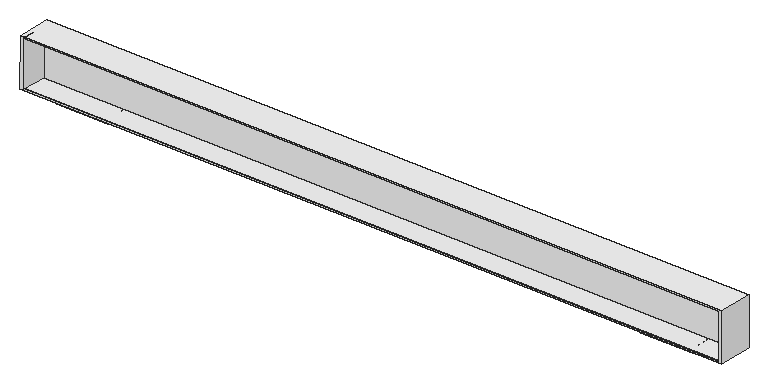
Revit family "MOD 6-W-D", category Lighting Fixtures, host Face, Revit 2021
Family settings
  Host = Face
  Round Connector Dimension = Use Diameter
  Part Type = Normal
  OmniClass Number = 23.80.70.11.14.17
  OmniClass Title = Direct/Indirect
  Cut with Voids When Loaded = No
  Light Source = Yes
  Shared = Yes
  Room Calculation Point = No
Parameters (values of type "MOD6-W-D-08")
  zz YesNo 2 = yes
  zz YesNo 1 = no
  Wattage = 81.6 W
  Warranty = "5-Years Warranty"  # constant formula
  built-in parameter 1150110 = 1 (stored number, unit not read)
  Voltage = 120 V
  Type Comments = "Lighting Fixture"  # constant formula
  built-in parameter 1114217 = 1 (stored number, unit not read)
  Tilt Angle = 90.00°  # constant formula
  built-in parameter 1150109 = 1 (stored number, unit not read)
  built-in parameter 1150134 = (empty or 0)
  built-in parameter 1150113 = 1 (stored number, unit not read)
  Product Page URL = ""
  Product Documentation Link = ""
  Power Factor = 1
  Photometric Web File = "generic"
  Photometric Notes = "More IES files download on Photometric Link"  # constant formula
  zz Length 1 = 8' - 0"
  Wattage Comments = "Variable Intensity technology provides specifiable lumen output/wattage"  # constant formula
  URL = "https://www.currentlighting.com/litecontrol"
  built-in parameter 1150142 = (empty or 0)
  Mounting = "Wall-Mount"  # constant formula
  Model = "MOD 6 LED Wall Direct"  # constant formula
  Manufacturer = "Litecontrol"  # constant formula
  built-in parameter 1150105 = 636.37 (stored number, unit not read)
  Lumens = 7996.8 lm
  built-in parameter 1150115 = 1 (stored number, unit not read)
  Load Classification = Lighting
  built-in parameter 1150137 = (empty or 0)
  built-in parameter 1150139 = (empty or 0)
  built-in parameter 1150112 = 1 (stored number, unit not read)
  built-in parameter 1150114 = 1 (stored number, unit not read)
  Lamp = "LED"  # constant formula
  built-in parameter 1150132 = (empty or 0)
  built-in parameter 1150102 = (empty or 0)
  built-in parameter 1150107 = 3500 (stored number, unit not read)
  built-in parameter 1150138 = (empty or 0)
  built-in parameter 1150106 = 6.3637 (stored number, unit not read)
  Glass = Glass - White
  Fixture Distribution = "Direct"  # constant formula
  Emit from Rectangle Width = zz Length 1  # 8' - 0"
  Emit from Rectangle Length = 0' - 6 115/256"  # constant formula
  Emit Shape Visible in Rendering = no
  built-in parameter 1150104 = 9.1045 (stored number, unit not read)
  Downlight Diffuser = "Soft Diffuse Lens/Regressed Diffuse Lens/Blade Baffle with Overlay"  # constant formula
  Dimming Lamp Color Temperature Shift = <None>
  Description = "The MODx family is an affordably-priced, full-featured offering with best-in-class attention to detail"  # constant formula
  Default Elevation = 4' - 0"
  Copyright = "Copyright © Litecontrol"  # constant formula
  Contact Us = ""
  Color Filter = 16777215
  built-in parameter 1114218 = 1 (stored number, unit not read)
  Housing Material = Paint -  Matte White
  built-in parameter 1150133 = 10 (stored number, unit not read)
  Assembly Code = "D5020200"
  Apparent Load = 0 VA
Types (7): name | zz YesNo 2 | zz YesNo 1 | Wattage | zz Length 1 | built-in parameter 1150105 | Lumens | built-in parameter 1150106 | Emit from Rectangle Width
  (no name) | yes | no | 81.6 W | 8' - 0" | 636.37 (stored number, unit not read) | 7996.8 lm | 6.3637 (stored number, unit not read) | 8' - 0"
  MOD6-W-D-02 | no | yes | 20.4 W | 2' - 0" | 159.09 (stored number, unit not read) | 1999.2 lm | 1.5909 (stored number, unit not read) | 2' - 0"
  MOD6-W-D-03 | yes | no | 30.6 W | 3' - 0" | 238.64 (stored number, unit not read) | 2998.8 lm | 2.3864 (stored number, unit not read) | 3' - 0"
  MOD6-W-D-04 | yes | no | 40.8 W | 4' - 0" | 318.18 (stored number, unit not read) | 3998.4 lm | 3.1818 (stored number, unit not read) | 4' - 0"
  MOD6-W-D-05 | yes | no | 51 W | 5' - 0" | 397.73 (stored number, unit not read) | 4998 lm | 3.9773 (stored number, unit not read) | 5' - 0"
  MOD6-W-D-06 | yes | no | 61.2 W | 6' - 0" | 477.27 (stored number, unit not read) | 5997.6 lm | 4.7727 (stored number, unit not read) | 6' - 0"
  MOD6-W-D-08 | yes | no | 81.6 W | 8' - 0" | 636.37 (stored number, unit not read) | 7996.8 lm | 6.3637 (stored number, unit not read) | 8' - 0"
Reference planes (in)
  plane 1 "Center (Front/Back)": y = 13.01342
  plane 2: z = 0
  plane 3 "Center (Left/Right)": x = 0
Dimensions and locks (in)
  aligned and locked: plane 2 to host face
  aligned and locked: level to host face
  aligned and locked: plane 3 "Center (Left/Right)" to nested 1
  aligned and locked: nested 1 to plane 2
  aligned and locked: nested 1 to imposter light
Nested families (in)
  nested 1: "4L-W" at (-0.01104, 15.26342, 3.66501) x (1, 0, 0) z (0, -1, 0), Glass <- "Glass", Backbox <- "Housing Material", Length <- "zz Length 1", type "4L-W"
    with Length 8' - 0", Glass Glass - White, Backbox Paint -  Matte White
Connectors (in)
  electrical at (0, 13.01342, 0.48), driven by "Load Classification", driven by "Voltage", driven by "Apparent Load", driven by "Power Factor"
    settings: on nested 1, index 1, voltage 120 V, apparent load 0 VA, apparent load phase1 0 VA, apparent load phase2 0 VA, apparent load phase3 0 VA, power factor 1, load classification "Lighting", number of poles 1, system type 30, power factor state 1, is connector primary yes, connector utility no, sub classification motor no, connector description "Electrical Connector"
Definition of nested family "4L-W"
  Parameters
    zz YesNo 2 = yes
    zz YesNo 1 = no
    Wattage Comments = ""
    URL = ""
    Model = ""
    Manufacturer = ""
    Length [instance] = 6' - 0"
    Lamp = ""
    Glass [instance] = none
    Description = ""
    Default Elevation = 4' - 0"
    Backbox [instance] = none
  Reference planes (in)
    plane 1 "Center (Front/Back)": y = 0.03999
    plane 2: z = 0
    plane 3 "Center (Left/Right)": x = 0.01104
    plane 4: z = 4.5
    plane 5: x = -35.98896
    plane 6: x = 36.01104
    plane 7: x = -35.48896
    plane 8: x = 35.51104
    plane 9: y = 3.16499
    plane 10: y = -3.08501
    plane 11: y = -3.18501
    plane 12: y = 3.26499
    plane 13: z = 1.1875
    plane 14: y = -3.66501
    plane 15: z = 4.375
    plane 16: x = -27.98896
    plane 17: x = -31.48896
    plane 18: x = -24.48896
    plane 19: x = 28.01104
    plane 20: x = 31.51104
    plane 21: x = 24.51104
    plane 22: x = -3.48896
    plane 23: x = 3.51104
    plane 24: z = 3.9375
    plane 25: z = 0.125
  Forms (in)
    Extrusion 1, solid
      sketch origin (0, 0, 0.06357) x (1, 0, 0) y (0, 1, 0)
        loop
          line (-48, 48) -> (-48, -48) -> (48, -48) -> (48, 48) -> (-48, 48)
      from -0.06357 to -12.81105
    Extrusion 2, void
      sketch origin (-23.78896, 8.13374, 2) x (0, -1, 0) y (1, 0, 0)
        loop
          line (4.96875, -11.7) -> (11.21875, -11.7) -> (11.21875, 59.3) -> (4.96875, 59.3) -> (4.96875, -11.7)
      from 2.5 to -0.8125
    Extrusion 3, solid, material <- "Backbox"
      sketch origin (0.01104, 0, 0) x (0, 1, 0) y (0, 0, 1)
        loop
          line (3.26499, 4.5) -> (-3.18501, 4.5) -> (-3.18501, 0) -> (3.26499, 0) -> (3.26499, 4.5)
      from -36 to 36
    Extrusion 4, solid, material <- "Glass"
      sketch origin (0, 0, 4.3125) x (0, -1, 0) y (1, 0, 0)
        loop
          line (-3.16499, -35.48896) -> (3.08501, -35.48896) -> (3.08501, 35.51104) -> (-3.16499, 35.51104) -> (-3.16499, -35.48896)
      from 0.0625 to 0.1875
    Extrusion 5, solid, material <- "Backbox", visible <- "zz YesNo 2"
      sketch origin (0.01104, 0, 0) x (0, 1, 0) y (0, 0, 1)
        loop
          line (-3.18501, 3.9375) -> (-3.66501, 3.9375) -> (-3.66501, 1.1875) -> (-3.18501, 1.1875) -> (-3.18501, 3.9375)
      from 24.5 to 31.5
    Extrusion 6, solid, material <- "Backbox", visible <- "zz YesNo 2"
      sketch origin (0.01104, 0, 0) x (0, 1, 0) y (0, 0, -1)
        loop
          line (-3.18501, -3.9375) -> (-3.18501, -1.1875) -> (-3.66501, -1.1875) -> (-3.66501, -3.9375) -> (-3.18501, -3.9375)
      from 24.5 to 31.5
    Extrusion 7, solid, material <- "Backbox", visible <- "zz YesNo 1"
      sketch origin (18.01104, 0, 0) x (0, 1, 0) y (0, 0, -1)
        loop
          line (-3.18501, -3.9375) -> (-3.18501, -1.1875) -> (-3.66501, -1.1875) -> (-3.66501, -3.9375) -> (-3.18501, -3.9375)
      from 14.5 to 21.5
  Cuts and joins
    Extrusion 2 cuts Extrusion 3
  Dimensions and locks (in)
    "Length": plane 6 to plane 5
    locked: plane 7 to plane 5 at 0.5
    locked: plane 6 to plane 8 at 0.5
    equal spacing: plane 6, plane 3 "Center (Left/Right)", plane 5
    plane 13 to plane 2 = 0' - 1 3/16"
    locked: plane 4 to plane 15 at 0.125
    locked: plane 16 to plane 5 at 8
    plane 18 to plane 16 to plane 17 = 0' - 3 1/2" locked, 0' - 3 1/2" locked
    plane 20 to plane 19 to plane 21 = 0' - 3 1/2" locked, 0' - 3 1/2" locked
    plane 23 to plane 3 "Center (Left/Right)" to plane 22 = 0' - 3 1/2" locked, 0' - 3 1/2" locked
    locked: plane 19 to plane 6 at 8
    equal spacing: plane 9, plane 1 "Center (Front/Back)", plane 10
    plane 12 to plane 9 = 0' - 0.1"
    plane 10 to plane 11 = 0' - 0.1"
    plane 9 to plane 1 "Center (Front/Back)" = 0' - 3 1/8"
    plane 11 to plane 14 = 0' - 0.48"
    plane 24 to plane 13 = 0' - 2 3/4"
    locked: plane 15 to plane 24 at 0.4375
    plane 25 to plane 2 = 0' - 0 1/8"
    plane 4 to plane 2 = 0' - 4 1/2"
    plane 12 to plane 14 = 0' - 6.93"
    plane 9 to plane 10 = 0' - 6 1/4"
    aligned and locked: plane 2 to Extrusion 1
    aligned and locked: plane 9 to Extrusion 2 sketch curve
    aligned and locked: plane 10 to Extrusion 2 sketch curve
    aligned and locked: plane 4 to Extrusion 3 sketch curve
    aligned and locked: plane 12 to Extrusion 3 sketch curve
    aligned and locked: Extrusion 3 sketch curve to level
    aligned and locked: plane 11 to Extrusion 3 sketch curve
    aligned and locked: Extrusion 3 to plane 5
    aligned and locked: plane 6 to Extrusion 3
    aligned and locked: plane 8 to Extrusion 2
    aligned and locked: Extrusion 2 to plane 7
    aligned and locked: Extrusion 5 sketch curve to plane 13
    aligned and locked: Extrusion 5 to plane 13
    aligned and locked: Extrusion 5 to plane 20
    aligned and locked: Extrusion 5 to plane 21
    aligned and locked: Extrusion 6 to plane 17
    aligned and locked: Extrusion 6 to plane 18
    aligned and locked: Extrusion 7 to plane 22
    aligned and locked: Extrusion 7 to plane 23
    aligned and locked: plane 4 to Extrusion 4
    aligned and locked: plane 4 to Extrusion 2
    aligned and locked: plane 24 to Extrusion 6
    aligned and locked: plane 24 to Extrusion 7
    aligned and locked: plane 24 to Extrusion 5
    aligned and locked: Extrusion 4 to plane 15
    aligned and locked: Extrusion 6 to plane 11
    aligned and locked: plane 14 to Extrusion 6
    aligned and locked: Extrusion 2 to plane 13
    aligned and locked: plane 14 to Extrusion 5
    aligned and locked: Extrusion 5 to plane 11
  Automatic sketch dimensions
    Extrusion 1 sketch curve to Extrusion 1 sketch curve = 8' - 0"  (x2)
    Extrusion 2 sketch curve to plane 7 = 0' - 0"
    Extrusion 2 sketch curve to plane 8 = 0' - 0"
    Extrusion 4 sketch curve to plane 8 = 0' - 0"
    plane 9 to Extrusion 4 sketch curve = 0' - 0"
    Extrusion 4 sketch curve to plane 7 = 0' - 0"
    Extrusion 4 sketch curve to plane 10 = 0' - 0"
    Extrusion 5 sketch curve to plane 24 = 0' - 0"
    Extrusion 6 sketch curve to plane 14 = 0' - 0"
    Extrusion 6 sketch curve to plane 11 = 0' - 0"
    Extrusion 6 sketch curve to plane 24 = 0' - 0"
    Extrusion 6 sketch curve to plane 13 = 0' - 0"
    Extrusion 7 sketch curve to plane 14 = 0' - 0"
    Extrusion 7 sketch curve to plane 11 = 0' - 0"
    Extrusion 7 sketch curve to plane 24 = 0' - 0"
    Extrusion 7 sketch curve to plane 13 = 0' - 0"
    Extrusion 5 sketch curve to plane 10 = 0' - 0.58"
    Extrusion 5 sketch curve to Extrusion 5 sketch curve = 0' - 0.48"
